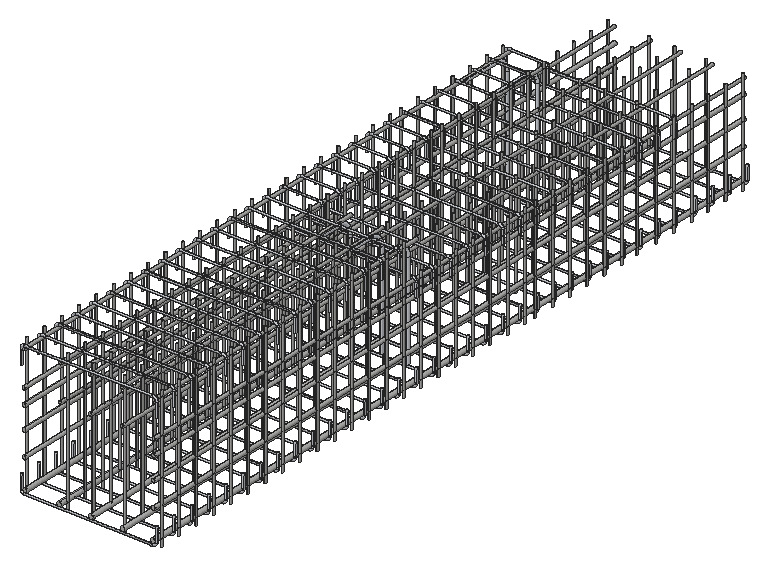
Revit family "261_Каркас пространственный КП4", category Обобщенные модели, Revit 2016 (continued)
Definition of nested family "261_Каркас плоский КР 29"
  Definition of nested family "361_Арматурная форма 1"
    Parameters (values of type "Параметрический")
      Мрк.МаркаКонструкции [instance] = ""
      Мрк.МаркаИзделия3 [instance] = ""
      Мрк.МаркаИзделия2 [instance] = ""
      Мрк.МаркаИзделия1 [instance] = ""
      Мрк.МаркаИзделия [instance] = ""
      Мрк.Марка [instance] = ""
      Type Comments = ""
      Арм.РазмерR [instance] = 0 mm
      Арм.РазмерJ [instance] = 0 mm
      Арм.РазмерG [instance] = 0 mm
      Арм.РазмерF [instance] = 0 mm
      Арм.РазмерE [instance] = 0 mm
      Арм.РазмерD [instance] = 0 mm
      Арм.РазмерC [instance] = 0 mm
      Арм.РазмерB [instance] = 0 mm
      Арм.РазмерA [instance] = 495 mm
      Арм.ПогМетрыВкл [instance] = no
      Арм.КоэфНахлеста [instance] = 1
      Арм.Класс [instance] = 1240
      Арм.ВыполненаСемейством = 1 = 1  # yes
    Reference planes
      plane 1 "Вперед/Назад": y = 0
      plane 2 "Опорный уровень": z = 0
      plane 3: x = 0
      plane 4 "Правая": x = 247.5
      plane 5 "Левая": x = -247.5
    Forms (mm)
      Sweep 1, solid, detail levels medium+fine
        path origin (0, 0, 0) x (1, 0, 0) y (0, 1, 0)
          loop
            line (-247.5, 0) -> (247.5, 0)
        profile origin (0, 0, 0) x (0, 1, 0) y (0, 0, 1)
          loop
            circle (0, 0) r 5
    Dimensions and locks
      "Арм.РазмерA": plane 5 "Левая" to plane 4 "Правая"
      equal spacing: plane 5 "Левая", plane 3, plane 4 "Правая"
      "Рзм.Диаметр": diameter of Sweep 1 sketch curve
      aligned and locked: plane 4 "Правая" to Sweep 1 sketch curve
      aligned and locked: plane 1 "Вперед/Назад" to Sweep 1 sketch curve
      aligned and locked: plane 5 "Левая" to Sweep 1 sketch curve
    Automatic sketch dimensions
      Sweep 1 sketch curve to level = 0 mm
      Sweep 1 sketch curve to profile plane = 0 mm
    Nested families
      nested 1: "Разрез сетржня" at (0, 0, 0) x (0, -1, 0) z (1, 0, 0), type "Разрез сетржня", detail levels medium+fine
        with Диаметр 10 mm
    Definition of nested family "Разрез сетржня"
      Parameters (values of type "Разрез сетржня")
        Диаметр = 600 mm
      Reference planes
        plane 1 "По центру (Вперед/Назад)": y = 0
        plane 2: z = 0
        plane 3 "По центру (Влево/Вправо)": x = 0
      Lines and regions (mm)
        Filled region 1, type "Сплошная заливка - Черный", in view "Опорный уровень"
          outline origin (0, 0, 0) x (1, 0, 0) y (0, 1, 0)
            loop
              circle (0, 0) r 300
        detail lines, in view "Опорный уровень"
          curve 1: circle (0, 0, 0) r 300 normal (0, 0, 1)
      Dimensions and locks
        "Диаметр": diameter of curve 1
        aligned and locked: Filled region 1 sketch curve to curve 1
      Automatic sketch dimensions
        plane 1 "По центру (Вперед/Назад)" to curve 1 = 0 mm
        curve 1 to plane 3 "По центру (Влево/Вправо)" = 0 mm
  Definition of nested family "361_Арматурная форма 2"
    Parameters (values of type "Параметрический")
      Рзм.РасчетныйРадиус [instance] = Арм.РазмерR + Рзм.Диаметр / 2  # 105 mm
      Рзм.Длина [instance] = Арм.РазмерA + Арм.РазмерB - 2 * (Арм.РазмерR * tan(90.00° / 2)) + ((Арм.РазмерR * pi() * 90.00°) / 180.00°)  # 972.08 mm
      Рзм.Диаметр [instance] = 10 mm
      Default Elevation = 1219.2 mm
      Орг.УровеньТекстовый [instance] = ""
      Орг.ОбознчТома(Комплекта) [instance] = ""
      Орг.НомерЛистаЭлемента [instance] = ""
      Орг.ИзделиеТипПодсчета [instance] = 0
      Орг.ИдентификацияЭлемента2 [instance] = ""
      Орг.ИдентификацияЭлемента1 [instance] = ""
      Орг.ИдентификацияЭлемента [instance] = ""
      Мсв.Количество [instance] = 1  # constant formula
      Мрк.Обозначение [instance] = if(Арм.Класс = 1240, "ГОСТ 5781-82", if(Арм.Класс = 1400, "ГОСТ 5781-82", if(Арм.Класс = 150019, " ГОСТ Р 52544-2006", if(Арм.Класс = 160019, " СТО АСЧМ 7-93", "Арматура не специфицирована"))))  # "ГОСТ 5781-82"
      Мрк.Наименование [instance] = if(and(Арм.Класс = 1240, Рзм.Диаметр = 6 mm), "Ø6 А240 ГОСТ 5781-82", if(and(Арм.Класс = 1240, Рзм.Диаметр = 8 mm), "Ø8 А240 ГОСТ 5781-82", if(and(Арм.Класс = 1240, Рзм.Диаметр = 10 mm), "Ø10 А240 ГОСТ 5781-82", if(and(Арм.Класс = 1240, Рзм.Диаметр = 12 mm), "Ø12 А240 ГОСТ 5781-82", if(and(Арм.Класс = 1240, Рзм.Диаметр = 14 mm), "Ø14 А240 ГОСТ 5781-82", if(and(Арм.Класс = 1240, Рзм.Диаметр = 16 mm), "Ø16 А240 ГОСТ 5781-82", if(and(Арм.Класс = 1240, Рзм.Диаметр = 18 mm), "Ø18 А240 ГОСТ 5781-82", if(and(Арм.Класс = 1240, Рзм.Диаметр = 20 mm), "Ø20 А240 ГОСТ 5781-82", if(and(Арм.Класс = 1400, Рзм.Диаметр = 6 mm), "Ø6 А400 ГОСТ 5781-82", if(and(Арм.Класс = 1400, Рзм.Диаметр = 8 mm), "Ø8 А400 ГОСТ 5781-82", if(and(Арм.Класс = 1400, Рзм.Диаметр = 10 mm), "Ø10 А400 ГОСТ 5781-82", if(and(Арм.Класс = 1400, Рзм.Диаметр = 12 mm), "Ø12 А400 ГОСТ 5781-82", if(and(Арм.Класс = 1400, Рзм.Диаметр = 14 mm), "Ø14 А400 ГОСТ 5781-82", if(and(Арм.Класс = 1400, Рзм.Диаметр = 16 mm), "Ø16 А400 ГОСТ 5781-82", if(and(Арм.Класс = 1400, Рзм.Диаметр = 18 mm), "Ø18 А400 ГОСТ 5781-82", if(and(Арм.Класс = 1400, Рзм.Диаметр = 20 mm), "Ø20 А400 ГОСТ 5781-82", if(and(Арм.Класс = 1400, Рзм.Диаметр = 22 mm), "Ø22 А400 ГОСТ 5781-82", if(and(Арм.Класс = 1400, Рзм.Диаметр = 25 mm), "Ø25 А400 ГОСТ 5781-82", if(and(Арм.Класс = 1400, Рзм.Диаметр = 28 mm), "Ø28 А400 ГОСТ 5781-82", if(and(Арм.Класс = 1400, Рзм.Диаметр = 32 mm), "Ø32 А400 ГОСТ 5781-82", if(and(Арм.Класс = 1400, Рзм.Диаметр = 36 mm), "Ø36 А400 ГОСТ 5781-82", if(and(Арм.Класс = 1400, Рзм.Диаметр = 40 mm), "Ø40 А400 ГОСТ 5781-82", if(and(Арм.Класс = 150019, Рзм.Диаметр = 10 mm), "Ø10 А500С ГОСТ Р 52544-2006", if(and(Арм.Класс = 150019, Рзм.Диаметр = 12 mm), "Ø12 А500С ГОСТ Р 52544-2006", if(and(Арм.Класс = 150019, Рзм.Диаметр = 14 mm), "Ø14 А500С ГОСТ Р 52544-2006", if(and(Арм.Класс = 150019, Рзм.Диаметр = 16 mm), "Ø16 А500С ГОСТ Р 52544-2006", if(and(Арм.Класс = 150019, Рзм.Диаметр = 18 mm), "Ø18 А500С ГОСТ Р 52544-2006", if(and(Арм.Класс = 150019, Рзм.Диаметр = 20 mm), "Ø20 А500С ГОСТ Р 52544-2006", if(and(Арм.Класс = 150019, Рзм.Диаметр = 22 mm), "Ø22 А500С ГОСТ Р 52544-2006", if(and(Арм.Класс = 150019, Рзм.Диаметр = 25 mm), "Ø25 А500С ГОСТ Р 52544-2006", if(and(Арм.Класс = 150019, Рзм.Диаметр = 28 mm), "Ø28 А500С ГОСТ Р 52544-2006", if(and(Арм.Класс = 150019, Рзм.Диаметр = 32 mm), "Ø32 А500С ГОСТ Р 52544-2006", if(and(Арм.Класс = 150019, Рзм.Диаметр = 36 mm), "Ø36 А500С ГОСТ Р 52544-2006", if(and(Арм.Класс = 150019, Рзм.Диаметр = 40 mm), "Ø40 А500С ГОСТ Р 52544-2006", if(and(Арм.Класс = 160019, Рзм.Диаметр = 10 mm), "Ø10 А600С СТО АСЧМ 7-93", if(and(Арм.Класс = 160019, Рзм.Диаметр = 12 mm), "Ø12 А600С СТО АСЧМ 7-93", if(and(Арм.Класс = 160019, Рзм.Диаметр = 14 mm), "Ø14 А600С СТО АСЧМ 7-93", if(and(Арм.Класс = 160019, Рзм.Диаметр = 16 mm), "Ø16 А600С СТО АСЧМ 7-93", if(and(Арм.Класс = 160019, Рзм.Диаметр = 18 mm), "Ø18 А600С СТО АСЧМ 7-93", if(and(Арм.Класс = 160019, Рзм.Диаметр = 20 mm), "Ø20 А600С СТО АСЧМ 7-93", if(and(Арм.Класс = 160019, Рзм.Диаметр = 22 mm), "Ø22 А600С СТО АСЧМ 7-93", if(and(Арм.Класс = 160019, Рзм.Диаметр = 25 mm), "Ø25 А600С СТО АСЧМ 7-93", if(and(Арм.Класс = 160019, Рзм.Диаметр = 28 mm), "Ø28 А600С СТО АСЧМ 7-93", if(and(Арм.Класс = 160019, Рзм.Диаметр = 32 mm), "Ø32 А600С СТО АСЧМ 7-93", if(and(Арм.Класс = 160019, Рзм.Диаметр = 36 mm), "Ø36 А600С СТО АСЧМ 7-93", if(and(Арм.Класс = 160019, Рзм.Диаметр = 40 mm), "Ø40 А600С СТО АСЧМ 7-93", "Арматура не специфицирована"))))))))))))))))))))))))))))))))))))))))))))))  # "Ø10 А240 ГОСТ 5781-82"
      Мрк.МаркаКонструкции [instance] = ""
      Мрк.МаркаИзделия3 [instance] = ""
      Мрк.МаркаИзделия2 [instance] = ""
      Мрк.МаркаИзделия1 [instance] = ""
      Мрк.МаркаИзделия [instance] = ""
      Мрк.Марка [instance] = ""
      Type Comments = ""
      Арм.ЭскизФормы = 0
      Арм.РазмерR [instance] = 100 mm
      Арм.РазмерJ [instance] = 0 mm
      Арм.РазмерG [instance] = 0 mm
      Арм.РазмерF [instance] = 0 mm
      Арм.РазмерE [instance] = 0 mm
      Арм.РазмерD [instance] = 0 mm
      Арм.РазмерC [instance] = 0 mm
      Арм.РазмерB [instance] = 520 mm
      Арм.РазмерA [instance] = 495 mm
      Арм.ПогМетрыВкл [instance] = no
      Арм.КоэфНахлеста [instance] = 1
      Арм.Класс [instance] = 1240
      Арм.ВыполненаСемейством = 1 = 1  # yes
    Reference planes
      plane 1 "Спереди": y = 0
      plane 2: z = 0
      plane 3 "Лево/Право": x = 0
      plane 4: x = 260
      plane 5: x = -260
      plane 6: y = -495
      plane 7: z = -5
      plane 8: z = 5
      plane 9: x = -265
      plane 10: x = -255
      plane 11: y = -5
      plane 12: y = 5
    Forms (mm)
      Sweep 1, solid, detail levels medium+fine
        path origin (0, 0, 0) x (1, 0, 0) y (0, 1, 0)
          loop
            line (-260, -495) -> (-260, -105)
            arc (-260, -105) -> (-229.246, -30.754) -> (-155, 0) r 105
            line (-155, 0) -> (260, 0)
        profile origin (-260, -300, 0) x (-1, 0, 0) y (0, 0, 1)
          loop
            circle (0, 0) r 5
    Dimensions and locks
      equal spacing: plane 5, plane 3 "Лево/Право", plane 4
      "Арм.РазмерA": plane 6 to plane 1 "Спереди"
      "Арм.РазмерB": plane 5 to plane 4
      equal spacing: plane 8, plane 2, plane 7
      "Рзм.Диаметр": plane 8 to plane 7
      equal spacing: plane 9, plane 5, plane 10
      "Рзм.Диаметр": plane 9 to plane 10
      equal spacing: plane 11, plane 1 "Спереди", plane 12
      "Рзм.Диаметр": plane 12 to plane 11
      "Рзм.Диаметр": diameter of Sweep 1 sketch curve
      "Рзм.РасчетныйРадиус": radius of Sweep 1 sketch curve
      aligned and locked: plane 6 to Sweep 1 sketch curve
      aligned and locked: plane 5 to nested 1
      aligned and locked: nested 1 to plane 2
      aligned and locked: plane 1 "Спереди" to nested 2
      aligned and locked: plane 2 to nested 2
      aligned and locked: plane 4 to Sweep 1 sketch curve
      aligned and locked: Sweep 1 sketch curve to plane 5
      aligned and locked: plane 1 "Спереди" to Sweep 1 sketch curve
    Automatic sketch dimensions
      Sweep 1 sketch curve to level = 0 mm
      Sweep 1 sketch curve to profile plane = 0 mm
    Nested families
      nested 1: "Разрез сетржня" at (-260, 0, 0) x (1, 0, 0) z (0, -1, 0), type "Разрез сетржня", detail levels medium+fine
        with Диаметр 10 mm
      nested 2: "Разрез сетржня" at (0, 0, 0) x (0, -1, 0) z (1, 0, 0), type "Разрез сетржня", detail levels medium+fine
        with Диаметр 10 mm
    Definition of nested family "Разрез сетржня"
      Parameters (values of type "Разрез сетржня")
        Диаметр = 600 mm
      Reference planes
        plane 1 "По центру (Вперед/Назад)": y = 0
        plane 2: z = 0
        plane 3 "По центру (Влево/Вправо)": x = 0
      Lines and regions (mm)
        Filled region 1, type "Сплошная заливка - Черный", in view "Опорный уровень"
          outline origin (0, 0, 0) x (1, 0, 0) y (0, 1, 0)
            loop
              circle (0, 0) r 300
        detail lines, in view "Опорный уровень"
          curve 1: circle (0, 0, 0) r 300 normal (0, 0, 1)
      Dimensions and locks
        "Диаметр": diameter of curve 1
        aligned and locked: Filled region 1 sketch curve to curve 1
      Automatic sketch dimensions
        plane 1 "По центру (Вперед/Назад)" to curve 1 = 0 mm
        curve 1 to plane 3 "По центру (Влево/Вправо)" = 0 mm
Definition of nested family "261_Каркас плоский КР 30"
  Parameters (values of type "261_Каркас плоский КР 30")
    Default Elevation = 1219.2 mm
    Орг.УровеньТекстовый [instance] = ""
    Орг.ОбознчТома(Комплекта) [instance] = ""
    Орг.НомерЛистаЭлемента [instance] = ""
    Орг.МассаИзделия = 0
    Орг.ИзделиеТипПодсчета [instance] = 0
    Орг.ИдентификацияЭлемента2 [instance] = ""
    Орг.ИдентификацияЭлемента1 [instance] = ""
    Орг.ИдентификацияЭлемента [instance] = ""
    Мрк.Обозначение [instance] = ""
    Мрк.Наименование [instance] = "Каркас плоский КР 30"
    Мрк.МаркаКонструкции [instance] = ""
    Мрк.МаркаИзделия3 [instance] = ""
    Мрк.МаркаИзделия2 [instance] = ""
    Мрк.МаркаИзделия1 [instance] = ""
    Мрк.МаркаИзделия [instance] = ""
    Мрк.Марка [instance] = "КР 30"
  Reference planes
    plane 1 "По центру (Вперед/Назад)": y = 0
    plane 2: z = 0
    plane 3 "По центру (Влево/Вправо)": x = 0
    plane 4: y = 1000
    plane 5: x = 5120
    plane 6 "Гнутый стержень": z = 26
  Dimensions and locks
    plane 3 "По центру (Влево/Вправо)" to plane 5 = 5120 mm
    plane 4 to plane 1 "По центру (Вперед/Назад)" = 1000 mm
    aligned and locked: level to plane 2
  Nested families
    nested 1: "361_Арматурная форма 1" at (45, 500, 0) x (0, 1, 0) z (0, 0, 1), Орг.ИдентификацияЭлемента1 <- "Орг.ИдентификацияЭлемента1", Орг.ИдентификацияЭлемента <- "Орг.ИдентификацияЭлемента", Мрк.МаркаКонструкции <- "Мрк.МаркаКонструкции", Мрк.МаркаИзделия3 <- "Мрк.МаркаИзделия3", Мрк.МаркаИзделия2 <- "Мрк.МаркаИзделия2", Мрк.МаркаИзделия1 <- "Мрк.МаркаИзделия1", Мрк.МаркаИзделия <- "Мрк.МаркаИзделия", Орг.УровеньТекстовый <- "Орг.УровеньТекстовый", Орг.ОбознчТома(Комплекта) <- "Орг.ОбознчТома(Комплекта)", Орг.НомерЛистаЭлемента <- "Орг.НомерЛистаЭлемента", type "Параметрический"
      with Рзм.Длина 970 mm, Рзм.Диаметр 12 mm, Орг.УровеньТекстовый "", Орг.ОбознчТома(Комплекта) "", Орг.НомерЛистаЭлемента "", Орг.ИзделиеТипПодсчета 2, Орг.ИдентификацияЭлемента1 "", Орг.ИдентификацияЭлемента "", Мрк.Обозначение "ГОСТ 5781-82", Мрк.Наименование "Ø12 А240 ГОСТ 5781-82", Мрк.МаркаКонструкции "", Мрк.МаркаИзделия3 "", Мрк.МаркаИзделия2 "", Мрк.МаркаИзделия1 "", Мрк.МаркаИзделия "", Мрк.Марка "6", Арм.РазмерR 0 mm, Арм.РазмерJ 0 mm, Арм.РазмерG 0 mm, Арм.РазмерF 0 mm, Арм.РазмерE 0 mm, Арм.РазмерD 0 mm, Арм.РазмерC 0 mm, Арм.РазмерB 0 mm, Арм.РазмерA 970 mm, Арм.ПогМетрыВкл no, Арм.КоэфНахлеста 1, Арм.Класс 1240
    nested 2: "361_Арматурная форма 2" at (4160, 559.782, -36) x (0, -1, 0) z (0, 0, 1), Орг.ИдентификацияЭлемента1 <- "Орг.ИдентификацияЭлемента1", Орг.ИдентификацияЭлемента <- "Орг.ИдентификацияЭлемента", Мрк.МаркаКонструкции <- "Мрк.МаркаКонструкции", Мрк.МаркаИзделия3 <- "Мрк.МаркаИзделия3", Мрк.МаркаИзделия2 <- "Мрк.МаркаИзделия2", Мрк.МаркаИзделия1 <- "Мрк.МаркаИзделия1", Мрк.МаркаИзделия <- "Мрк.МаркаИзделия", Орг.УровеньТекстовый <- "Орг.УровеньТекстовый", Орг.ОбознчТома(Комплекта) <- "Орг.ОбознчТома(Комплекта)", Орг.НомерЛистаЭлемента <- "Орг.НомерЛистаЭлемента", type "Параметрический"
      with Рзм.РасчетныйРадиус 90 mm, Рзм.Длина 1090.738 mm, Рзм.Диаметр 20 mm, Орг.УровеньТекстовый "", Орг.ОбознчТома(Комплекта) "", Орг.НомерЛистаЭлемента "", Орг.ИзделиеТипПодсчета 2, Орг.ИдентификацияЭлемента2 "", Орг.ИдентификацияЭлемента1 "", Орг.ИдентификацияЭлемента "", Мсв.Количество 1, Мрк.Обозначение "ГОСТ 5781-82", Мрк.Наименование "Ø20 А240 ГОСТ 5781-82", Мрк.МаркаКонструкции "", Мрк.МаркаИзделия3 "", Мрк.МаркаИзделия2 "", Мрк.МаркаИзделия1 "", Мрк.МаркаИзделия "", Мрк.Марка "8", Арм.РазмерR 80 mm, Арм.РазмерJ 0 mm, Арм.РазмерG 0 mm, Арм.РазмерF 0 mm, Арм.РазмерE 0 mm, Арм.РазмерD 0 mm, Арм.РазмерC 0 mm, Арм.РазмерB 760 mm, Арм.РазмерA 365.075 mm, Арм.ПогМетрыВкл no, Арм.КоэфНахлеста 1, Арм.Класс 1240
    nested 3: "361_Арматурная форма 1" at (195, 500, 0) x (0, 1, 0) z (0, 0, 1), Орг.ИдентификацияЭлемента1 <- "Орг.ИдентификацияЭлемента1", Орг.ИдентификацияЭлемента <- "Орг.ИдентификацияЭлемента", Мрк.МаркаКонструкции <- "Мрк.МаркаКонструкции", Мрк.МаркаИзделия3 <- "Мрк.МаркаИзделия3", Мрк.МаркаИзделия2 <- "Мрк.МаркаИзделия2", Мрк.МаркаИзделия1 <- "Мрк.МаркаИзделия1", Мрк.МаркаИзделия <- "Мрк.МаркаИзделия", Орг.УровеньТекстовый <- "Орг.УровеньТекстовый", Орг.ОбознчТома(Комплекта) <- "Орг.ОбознчТома(Комплекта)", Орг.НомерЛистаЭлемента <- "Орг.НомерЛистаЭлемента", type "Параметрический"
      with Рзм.Длина 970 mm, Рзм.Диаметр 12 mm, Орг.УровеньТекстовый "", Орг.ОбознчТома(Комплекта) "", Орг.НомерЛистаЭлемента "", Орг.ИзделиеТипПодсчета 2, Орг.ИдентификацияЭлемента1 "", Орг.ИдентификацияЭлемента "", Мрк.Обозначение "ГОСТ 5781-82", Мрк.Наименование "Ø12 А240 ГОСТ 5781-82", Мрк.МаркаКонструкции "", Мрк.МаркаИзделия3 "", Мрк.МаркаИзделия2 "", Мрк.МаркаИзделия1 "", Мрк.МаркаИзделия "", Мрк.Марка "6", Арм.РазмерR 0 mm, Арм.РазмерJ 0 mm, Арм.РазмерG 0 mm, Арм.РазмерF 0 mm, Арм.РазмерE 0 mm, Арм.РазмерD 0 mm, Арм.РазмерC 0 mm, Арм.РазмерB 0 mm, Арм.РазмерA 970 mm, Арм.ПогМетрыВкл no, Арм.КоэфНахлеста 1, Арм.Класс 1240
    nested 4: "361_Арматурная форма 1" at (345, 500, 0) x (0, 1, 0) z (0, 0, 1), Орг.ИдентификацияЭлемента1 <- "Орг.ИдентификацияЭлемента1", Орг.ИдентификацияЭлемента <- "Орг.ИдентификацияЭлемента", Мрк.МаркаКонструкции <- "Мрк.МаркаКонструкции", Мрк.МаркаИзделия3 <- "Мрк.МаркаИзделия3", Мрк.МаркаИзделия2 <- "Мрк.МаркаИзделия2", Мрк.МаркаИзделия1 <- "Мрк.МаркаИзделия1", Мрк.МаркаИзделия <- "Мрк.МаркаИзделия", Орг.УровеньТекстовый <- "Орг.УровеньТекстовый", Орг.ОбознчТома(Комплекта) <- "Орг.ОбознчТома(Комплекта)", Орг.НомерЛистаЭлемента <- "Орг.НомерЛистаЭлемента", type "Параметрический"
      with Рзм.Длина 970 mm, Рзм.Диаметр 12 mm, Орг.УровеньТекстовый "", Орг.ОбознчТома(Комплекта) "", Орг.НомерЛистаЭлемента "", Орг.ИзделиеТипПодсчета 2, Орг.ИдентификацияЭлемента1 "", Орг.ИдентификацияЭлемента "", Мрк.Обозначение "ГОСТ 5781-82", Мрк.Наименование "Ø12 А240 ГОСТ 5781-82", Мрк.МаркаКонструкции "", Мрк.МаркаИзделия3 "", Мрк.МаркаИзделия2 "", Мрк.МаркаИзделия1 "", Мрк.МаркаИзделия "", Мрк.Марка "6", Арм.РазмерR 0 mm, Арм.РазмерJ 0 mm, Арм.РазмерG 0 mm, Арм.РазмерF 0 mm, Арм.РазмерE 0 mm, Арм.РазмерD 0 mm, Арм.РазмерC 0 mm, Арм.РазмерB 0 mm, Арм.РазмерA 970 mm, Арм.ПогМетрыВкл no, Арм.КоэфНахлеста 1, Арм.Класс 1240
    nested 5: "361_Арматурная форма 1" at (495, 500, 0) x (0, 1, 0) z (0, 0, 1), Орг.ИдентификацияЭлемента1 <- "Орг.ИдентификацияЭлемента1", Орг.ИдентификацияЭлемента <- "Орг.ИдентификацияЭлемента", Мрк.МаркаКонструкции <- "Мрк.МаркаКонструкции", Мрк.МаркаИзделия3 <- "Мрк.МаркаИзделия3", Мрк.МаркаИзделия2 <- "Мрк.МаркаИзделия2", Мрк.МаркаИзделия1 <- "Мрк.МаркаИзделия1", Мрк.МаркаИзделия <- "Мрк.МаркаИзделия", Орг.УровеньТекстовый <- "Орг.УровеньТекстовый", Орг.ОбознчТома(Комплекта) <- "Орг.ОбознчТома(Комплекта)", Орг.НомерЛистаЭлемента <- "Орг.НомерЛистаЭлемента", type "Параметрический"
      with Рзм.Длина 970 mm, Рзм.Диаметр 12 mm, Орг.УровеньТекстовый "", Орг.ОбознчТома(Комплекта) "", Орг.НомерЛистаЭлемента "", Орг.ИзделиеТипПодсчета 2, Орг.ИдентификацияЭлемента1 "", Орг.ИдентификацияЭлемента "", Мрк.Обозначение "ГОСТ 5781-82", Мрк.Наименование "Ø12 А240 ГОСТ 5781-82", Мрк.МаркаКонструкции "", Мрк.МаркаИзделия3 "", Мрк.МаркаИзделия2 "", Мрк.МаркаИзделия1 "", Мрк.МаркаИзделия "", Мрк.Марка "6", Арм.РазмерR 0 mm, Арм.РазмерJ 0 mm, Арм.РазмерG 0 mm, Арм.РазмерF 0 mm, Арм.РазмерE 0 mm, Арм.РазмерD 0 mm, Арм.РазмерC 0 mm, Арм.РазмерB 0 mm, Арм.РазмерA 970 mm, Арм.ПогМетрыВкл no, Арм.КоэфНахлеста 1, Арм.Класс 1240
    nested 6: "361_Арматурная форма 1" at (645, 500, 0) x (0, 1, 0) z (0, 0, 1), Орг.ИдентификацияЭлемента1 <- "Орг.ИдентификацияЭлемента1", Орг.ИдентификацияЭлемента <- "Орг.ИдентификацияЭлемента", Мрк.МаркаКонструкции <- "Мрк.МаркаКонструкции", Мрк.МаркаИзделия3 <- "Мрк.МаркаИзделия3", Мрк.МаркаИзделия2 <- "Мрк.МаркаИзделия2", Мрк.МаркаИзделия1 <- "Мрк.МаркаИзделия1", Мрк.МаркаИзделия <- "Мрк.МаркаИзделия", Орг.УровеньТекстовый <- "Орг.УровеньТекстовый", Орг.ОбознчТома(Комплекта) <- "Орг.ОбознчТома(Комплекта)", Орг.НомерЛистаЭлемента <- "Орг.НомерЛистаЭлемента", type "Параметрический"
      with Рзм.Длина 970 mm, Рзм.Диаметр 12 mm, Орг.УровеньТекстовый "", Орг.ОбознчТома(Комплекта) "", Орг.НомерЛистаЭлемента "", Орг.ИзделиеТипПодсчета 2, Орг.ИдентификацияЭлемента1 "", Орг.ИдентификацияЭлемента "", Мрк.Обозначение "ГОСТ 5781-82", Мрк.Наименование "Ø12 А240 ГОСТ 5781-82", Мрк.МаркаКонструкции "", Мрк.МаркаИзделия3 "", Мрк.МаркаИзделия2 "", Мрк.МаркаИзделия1 "", Мрк.МаркаИзделия "", Мрк.Марка "6", Арм.РазмерR 0 mm, Арм.РазмерJ 0 mm, Арм.РазмерG 0 mm, Арм.РазмерF 0 mm, Арм.РазмерE 0 mm, Арм.РазмерD 0 mm, Арм.РазмерC 0 mm, Арм.РазмерB 0 mm, Арм.РазмерA 970 mm, Арм.ПогМетрыВкл no, Арм.КоэфНахлеста 1, Арм.Класс 1240
    nested 7: "361_Арматурная форма 1" at (795, 500, 0) x (0, 1, 0) z (0, 0, 1), Орг.ИдентификацияЭлемента1 <- "Орг.ИдентификацияЭлемента1", Орг.ИдентификацияЭлемента <- "Орг.ИдентификацияЭлемента", Мрк.МаркаКонструкции <- "Мрк.МаркаКонструкции", Мрк.МаркаИзделия3 <- "Мрк.МаркаИзделия3", Мрк.МаркаИзделия2 <- "Мрк.МаркаИзделия2", Мрк.МаркаИзделия1 <- "Мрк.МаркаИзделия1", Мрк.МаркаИзделия <- "Мрк.МаркаИзделия", Орг.УровеньТекстовый <- "Орг.УровеньТекстовый", Орг.ОбознчТома(Комплекта) <- "Орг.ОбознчТома(Комплекта)", Орг.НомерЛистаЭлемента <- "Орг.НомерЛистаЭлемента", type "Параметрический"
      with Рзм.Длина 970 mm, Рзм.Диаметр 12 mm, Орг.УровеньТекстовый "", Орг.ОбознчТома(Комплекта) "", Орг.НомерЛистаЭлемента "", Орг.ИзделиеТипПодсчета 2, Орг.ИдентификацияЭлемента1 "", Орг.ИдентификацияЭлемента "", Мрк.Обозначение "ГОСТ 5781-82", Мрк.Наименование "Ø12 А240 ГОСТ 5781-82", Мрк.МаркаКонструкции "", Мрк.МаркаИзделия3 "", Мрк.МаркаИзделия2 "", Мрк.МаркаИзделия1 "", Мрк.МаркаИзделия "", Мрк.Марка "6", Арм.РазмерR 0 mm, Арм.РазмерJ 0 mm, Арм.РазмерG 0 mm, Арм.РазмерF 0 mm, Арм.РазмерE 0 mm, Арм.РазмерD 0 mm, Арм.РазмерC 0 mm, Арм.РазмерB 0 mm, Арм.РазмерA 970 mm, Арм.ПогМетрыВкл no, Арм.КоэфНахлеста 1, Арм.Класс 1240
    nested 8: "361_Арматурная форма 1" at (945, 500, 0) x (0, 1, 0) z (0, 0, 1), Орг.ИдентификацияЭлемента1 <- "Орг.ИдентификацияЭлемента1", Орг.ИдентификацияЭлемента <- "Орг.ИдентификацияЭлемента", Мрк.МаркаКонструкции <- "Мрк.МаркаКонструкции", Мрк.МаркаИзделия3 <- "Мрк.МаркаИзделия3", Мрк.МаркаИзделия2 <- "Мрк.МаркаИзделия2", Мрк.МаркаИзделия1 <- "Мрк.МаркаИзделия1", Мрк.МаркаИзделия <- "Мрк.МаркаИзделия", Орг.УровеньТекстовый <- "Орг.УровеньТекстовый", Орг.ОбознчТома(Комплекта) <- "Орг.ОбознчТома(Комплекта)", Орг.НомерЛистаЭлемента <- "Орг.НомерЛистаЭлемента", type "Параметрический"
      with Рзм.Длина 970 mm, Рзм.Диаметр 12 mm, Орг.УровеньТекстовый "", Орг.ОбознчТома(Комплекта) "", Орг.НомерЛистаЭлемента "", Орг.ИзделиеТипПодсчета 2, Орг.ИдентификацияЭлемента1 "", Орг.ИдентификацияЭлемента "", Мрк.Обозначение "ГОСТ 5781-82", Мрк.Наименование "Ø12 А240 ГОСТ 5781-82", Мрк.МаркаКонструкции "", Мрк.МаркаИзделия3 "", Мрк.МаркаИзделия2 "", Мрк.МаркаИзделия1 "", Мрк.МаркаИзделия "", Мрк.Марка "6", Арм.РазмерR 0 mm, Арм.РазмерJ 0 mm, Арм.РазмерG 0 mm, Арм.РазмерF 0 mm, Арм.РазмерE 0 mm, Арм.РазмерD 0 mm, Арм.РазмерC 0 mm, Арм.РазмерB 0 mm, Арм.РазмерA 970 mm, Арм.ПогМетрыВкл no, Арм.КоэфНахлеста 1, Арм.Класс 1240
    nested 9: "361_Арматурная форма 1" at (1095, 500, 0) x (0, 1, 0) z (0, 0, 1), Орг.ИдентификацияЭлемента1 <- "Орг.ИдентификацияЭлемента1", Орг.ИдентификацияЭлемента <- "Орг.ИдентификацияЭлемента", Мрк.МаркаКонструкции <- "Мрк.МаркаКонструкции", Мрк.МаркаИзделия3 <- "Мрк.МаркаИзделия3", Мрк.МаркаИзделия2 <- "Мрк.МаркаИзделия2", Мрк.МаркаИзделия1 <- "Мрк.МаркаИзделия1", Мрк.МаркаИзделия <- "Мрк.МаркаИзделия", Орг.УровеньТекстовый <- "Орг.УровеньТекстовый", Орг.ОбознчТома(Комплекта) <- "Орг.ОбознчТома(Комплекта)", Орг.НомерЛистаЭлемента <- "Орг.НомерЛистаЭлемента", type "Параметрический"
      with Рзм.Длина 970 mm, Рзм.Диаметр 12 mm, Орг.УровеньТекстовый "", Орг.ОбознчТома(Комплекта) "", Орг.НомерЛистаЭлемента "", Орг.ИзделиеТипПодсчета 2, Орг.ИдентификацияЭлемента1 "", Орг.ИдентификацияЭлемента "", Мрк.Обозначение "ГОСТ 5781-82", Мрк.Наименование "Ø12 А240 ГОСТ 5781-82", Мрк.МаркаКонструкции "", Мрк.МаркаИзделия3 "", Мрк.МаркаИзделия2 "", Мрк.МаркаИзделия1 "", Мрк.МаркаИзделия "", Мрк.Марка "6", Арм.РазмерR 0 mm, Арм.РазмерJ 0 mm, Арм.РазмерG 0 mm, Арм.РазмерF 0 mm, Арм.РазмерE 0 mm, Арм.РазмерD 0 mm, Арм.РазмерC 0 mm, Арм.РазмерB 0 mm, Арм.РазмерA 970 mm, Арм.ПогМетрыВкл no, Арм.КоэфНахлеста 1, Арм.Класс 1240
    nested 10: "361_Арматурная форма 1" at (1245, 500, 0) x (0, 1, 0) z (0, 0, 1), Орг.ИдентификацияЭлемента1 <- "Орг.ИдентификацияЭлемента1", Орг.ИдентификацияЭлемента <- "Орг.ИдентификацияЭлемента", Мрк.МаркаКонструкции <- "Мрк.МаркаКонструкции", Мрк.МаркаИзделия3 <- "Мрк.МаркаИзделия3", Мрк.МаркаИзделия2 <- "Мрк.МаркаИзделия2", Мрк.МаркаИзделия1 <- "Мрк.МаркаИзделия1", Мрк.МаркаИзделия <- "Мрк.МаркаИзделия", Орг.УровеньТекстовый <- "Орг.УровеньТекстовый", Орг.ОбознчТома(Комплекта) <- "Орг.ОбознчТома(Комплекта)", Орг.НомерЛистаЭлемента <- "Орг.НомерЛистаЭлемента", type "Параметрический"
      with Рзм.Длина 970 mm, Рзм.Диаметр 12 mm, Орг.УровеньТекстовый "", Орг.ОбознчТома(Комплекта) "", Орг.НомерЛистаЭлемента "", Орг.ИзделиеТипПодсчета 2, Орг.ИдентификацияЭлемента1 "", Орг.ИдентификацияЭлемента "", Мрк.Обозначение "ГОСТ 5781-82", Мрк.Наименование "Ø12 А240 ГОСТ 5781-82", Мрк.МаркаКонструкции "", Мрк.МаркаИзделия3 "", Мрк.МаркаИзделия2 "", Мрк.МаркаИзделия1 "", Мрк.МаркаИзделия "", Мрк.Марка "6", Арм.РазмерR 0 mm, Арм.РазмерJ 0 mm, Арм.РазмерG 0 mm, Арм.РазмерF 0 mm, Арм.РазмерE 0 mm, Арм.РазмерD 0 mm, Арм.РазмерC 0 mm, Арм.РазмерB 0 mm, Арм.РазмерA 970 mm, Арм.ПогМетрыВкл no, Арм.КоэфНахлеста 1, Арм.Класс 1240
    nested 11: "361_Арматурная форма 1" at (1395, 500, 0) x (0, 1, 0) z (0, 0, 1), Орг.ИдентификацияЭлемента1 <- "Орг.ИдентификацияЭлемента1", Орг.ИдентификацияЭлемента <- "Орг.ИдентификацияЭлемента", Мрк.МаркаКонструкции <- "Мрк.МаркаКонструкции", Мрк.МаркаИзделия3 <- "Мрк.МаркаИзделия3", Мрк.МаркаИзделия2 <- "Мрк.МаркаИзделия2", Мрк.МаркаИзделия1 <- "Мрк.МаркаИзделия1", Мрк.МаркаИзделия <- "Мрк.МаркаИзделия", Орг.УровеньТекстовый <- "Орг.УровеньТекстовый", Орг.ОбознчТома(Комплекта) <- "Орг.ОбознчТома(Комплекта)", Орг.НомерЛистаЭлемента <- "Орг.НомерЛистаЭлемента", type "Параметрический"
      with Рзм.Длина 970 mm, Рзм.Диаметр 12 mm, Орг.УровеньТекстовый "", Орг.ОбознчТома(Комплекта) "", Орг.НомерЛистаЭлемента "", Орг.ИзделиеТипПодсчета 2, Орг.ИдентификацияЭлемента1 "", Орг.ИдентификацияЭлемента "", Мрк.Обозначение "ГОСТ 5781-82", Мрк.Наименование "Ø12 А240 ГОСТ 5781-82", Мрк.МаркаКонструкции "", Мрк.МаркаИзделия3 "", Мрк.МаркаИзделия2 "", Мрк.МаркаИзделия1 "", Мрк.МаркаИзделия "", Мрк.Марка "6", Арм.РазмерR 0 mm, Арм.РазмерJ 0 mm, Арм.РазмерG 0 mm, Арм.РазмерF 0 mm, Арм.РазмерE 0 mm, Арм.РазмерD 0 mm, Арм.РазмерC 0 mm, Арм.РазмерB 0 mm, Арм.РазмерA 970 mm, Арм.ПогМетрыВкл no, Арм.КоэфНахлеста 1, Арм.Класс 1240
    nested 12: "361_Арматурная форма 1" at (1545, 500, 0) x (0, 1, 0) z (0, 0, 1), Орг.ИдентификацияЭлемента1 <- "Орг.ИдентификацияЭлемента1", Орг.ИдентификацияЭлемента <- "Орг.ИдентификацияЭлемента", Мрк.МаркаКонструкции <- "Мрк.МаркаКонструкции", Мрк.МаркаИзделия3 <- "Мрк.МаркаИзделия3", Мрк.МаркаИзделия2 <- "Мрк.МаркаИзделия2", Мрк.МаркаИзделия1 <- "Мрк.МаркаИзделия1", Мрк.МаркаИзделия <- "Мрк.МаркаИзделия", Орг.УровеньТекстовый <- "Орг.УровеньТекстовый", Орг.ОбознчТома(Комплекта) <- "Орг.ОбознчТома(Комплекта)", Орг.НомерЛистаЭлемента <- "Орг.НомерЛистаЭлемента", type "Параметрический"
      with Рзм.Длина 970 mm, Рзм.Диаметр 12 mm, Орг.УровеньТекстовый "", Орг.ОбознчТома(Комплекта) "", Орг.НомерЛистаЭлемента "", Орг.ИзделиеТипПодсчета 2, Орг.ИдентификацияЭлемента1 "", Орг.ИдентификацияЭлемента "", Мрк.Обозначение "ГОСТ 5781-82", Мрк.Наименование "Ø12 А240 ГОСТ 5781-82", Мрк.МаркаКонструкции "", Мрк.МаркаИзделия3 "", Мрк.МаркаИзделия2 "", Мрк.МаркаИзделия1 "", Мрк.МаркаИзделия "", Мрк.Марка "6", Арм.РазмерR 0 mm, Арм.РазмерJ 0 mm, Арм.РазмерG 0 mm, Арм.РазмерF 0 mm, Арм.РазмерE 0 mm, Арм.РазмерD 0 mm, Арм.РазмерC 0 mm, Арм.РазмерB 0 mm, Арм.РазмерA 970 mm, Арм.ПогМетрыВкл no, Арм.КоэфНахлеста 1, Арм.Класс 1240
    nested 13: "361_Арматурная форма 1" at (1695, 500, 0) x (0, 1, 0) z (0, 0, 1), Орг.ИдентификацияЭлемента1 <- "Орг.ИдентификацияЭлемента1", Орг.ИдентификацияЭлемента <- "Орг.ИдентификацияЭлемента", Мрк.МаркаКонструкции <- "Мрк.МаркаКонструкции", Мрк.МаркаИзделия3 <- "Мрк.МаркаИзделия3", Мрк.МаркаИзделия2 <- "Мрк.МаркаИзделия2", Мрк.МаркаИзделия1 <- "Мрк.МаркаИзделия1", Мрк.МаркаИзделия <- "Мрк.МаркаИзделия", Орг.УровеньТекстовый <- "Орг.УровеньТекстовый", Орг.ОбознчТома(Комплекта) <- "Орг.ОбознчТома(Комплекта)", Орг.НомерЛистаЭлемента <- "Орг.НомерЛистаЭлемента", type "Параметрический"
      with Рзм.Длина 970 mm, Рзм.Диаметр 12 mm, Орг.УровеньТекстовый "", Орг.ОбознчТома(Комплекта) "", Орг.НомерЛистаЭлемента "", Орг.ИзделиеТипПодсчета 2, Орг.ИдентификацияЭлемента1 "", Орг.ИдентификацияЭлемента "", Мрк.Обозначение "ГОСТ 5781-82", Мрк.Наименование "Ø12 А240 ГОСТ 5781-82", Мрк.МаркаКонструкции "", Мрк.МаркаИзделия3 "", Мрк.МаркаИзделия2 "", Мрк.МаркаИзделия1 "", Мрк.МаркаИзделия "", Мрк.Марка "6", Арм.РазмерR 0 mm, Арм.РазмерJ 0 mm, Арм.РазмерG 0 mm, Арм.РазмерF 0 mm, Арм.РазмерE 0 mm, Арм.РазмерD 0 mm, Арм.РазмерC 0 mm, Арм.РазмерB 0 mm, Арм.РазмерA 970 mm, Арм.ПогМетрыВкл no, Арм.КоэфНахлеста 1, Арм.Класс 1240
    nested 14: "361_Арматурная форма 1" at (1845, 500, 0) x (0, 1, 0) z (0, 0, 1), Орг.ИдентификацияЭлемента1 <- "Орг.ИдентификацияЭлемента1", Орг.ИдентификацияЭлемента <- "Орг.ИдентификацияЭлемента", Мрк.МаркаКонструкции <- "Мрк.МаркаКонструкции", Мрк.МаркаИзделия3 <- "Мрк.МаркаИзделия3", Мрк.МаркаИзделия2 <- "Мрк.МаркаИзделия2", Мрк.МаркаИзделия1 <- "Мрк.МаркаИзделия1", Мрк.МаркаИзделия <- "Мрк.МаркаИзделия", Орг.УровеньТекстовый <- "Орг.УровеньТекстовый", Орг.ОбознчТома(Комплекта) <- "Орг.ОбознчТома(Комплекта)", Орг.НомерЛистаЭлемента <- "Орг.НомерЛистаЭлемента", type "Параметрический"
      with Рзм.Длина 970 mm, Рзм.Диаметр 12 mm, Орг.УровеньТекстовый "", Орг.ОбознчТома(Комплекта) "", Орг.НомерЛистаЭлемента "", Орг.ИзделиеТипПодсчета 2, Орг.ИдентификацияЭлемента1 "", Орг.ИдентификацияЭлемента "", Мрк.Обозначение "ГОСТ 5781-82", Мрк.Наименование "Ø12 А240 ГОСТ 5781-82", Мрк.МаркаКонструкции "", Мрк.МаркаИзделия3 "", Мрк.МаркаИзделия2 "", Мрк.МаркаИзделия1 "", Мрк.МаркаИзделия "", Мрк.Марка "6", Арм.РазмерR 0 mm, Арм.РазмерJ 0 mm, Арм.РазмерG 0 mm, Арм.РазмерF 0 mm, Арм.РазмерE 0 mm, Арм.РазмерD 0 mm, Арм.РазмерC 0 mm, Арм.РазмерB 0 mm, Арм.РазмерA 970 mm, Арм.ПогМетрыВкл no, Арм.КоэфНахлеста 1, Арм.Класс 1240
    nested 15: "361_Арматурная форма 1" at (1995, 500, 0) x (0, 1, 0) z (0, 0, 1), Орг.ИдентификацияЭлемента1 <- "Орг.ИдентификацияЭлемента1", Орг.ИдентификацияЭлемента <- "Орг.ИдентификацияЭлемента", Мрк.МаркаКонструкции <- "Мрк.МаркаКонструкции", Мрк.МаркаИзделия3 <- "Мрк.МаркаИзделия3", Мрк.МаркаИзделия2 <- "Мрк.МаркаИзделия2", Мрк.МаркаИзделия1 <- "Мрк.МаркаИзделия1", Мрк.МаркаИзделия <- "Мрк.МаркаИзделия", Орг.УровеньТекстовый <- "Орг.УровеньТекстовый", Орг.ОбознчТома(Комплекта) <- "Орг.ОбознчТома(Комплекта)", Орг.НомерЛистаЭлемента <- "Орг.НомерЛистаЭлемента", type "Параметрический"
      with Рзм.Длина 970 mm, Рзм.Диаметр 12 mm, Орг.УровеньТекстовый "", Орг.ОбознчТома(Комплекта) "", Орг.НомерЛистаЭлемента "", Орг.ИзделиеТипПодсчета 2, Орг.ИдентификацияЭлемента1 "", Орг.ИдентификацияЭлемента "", Мрк.Обозначение "ГОСТ 5781-82", Мрк.Наименование "Ø12 А240 ГОСТ 5781-82", Мрк.МаркаКонструкции "", Мрк.МаркаИзделия3 "", Мрк.МаркаИзделия2 "", Мрк.МаркаИзделия1 "", Мрк.МаркаИзделия "", Мрк.Марка "6", Арм.РазмерR 0 mm, Арм.РазмерJ 0 mm, Арм.РазмерG 0 mm, Арм.РазмерF 0 mm, Арм.РазмерE 0 mm, Арм.РазмерD 0 mm, Арм.РазмерC 0 mm, Арм.РазмерB 0 mm, Арм.РазмерA 970 mm, Арм.ПогМетрыВкл no, Арм.КоэфНахлеста 1, Арм.Класс 1240
    nested 16: "361_Арматурная форма 1" at (2145, 500, 0) x (0, 1, 0) z (0, 0, 1), Орг.ИдентификацияЭлемента1 <- "Орг.ИдентификацияЭлемента1", Орг.ИдентификацияЭлемента <- "Орг.ИдентификацияЭлемента", Мрк.МаркаКонструкции <- "Мрк.МаркаКонструкции", Мрк.МаркаИзделия3 <- "Мрк.МаркаИзделия3", Мрк.МаркаИзделия2 <- "Мрк.МаркаИзделия2", Мрк.МаркаИзделия1 <- "Мрк.МаркаИзделия1", Мрк.МаркаИзделия <- "Мрк.МаркаИзделия", Орг.УровеньТекстовый <- "Орг.УровеньТекстовый", Орг.ОбознчТома(Комплекта) <- "Орг.ОбознчТома(Комплекта)", Орг.НомерЛистаЭлемента <- "Орг.НомерЛистаЭлемента", type "Параметрический"
      with Рзм.Длина 970 mm, Рзм.Диаметр 12 mm, Орг.УровеньТекстовый "", Орг.ОбознчТома(Комплекта) "", Орг.НомерЛистаЭлемента "", Орг.ИзделиеТипПодсчета 2, Орг.ИдентификацияЭлемента1 "", Орг.ИдентификацияЭлемента "", Мрк.Обозначение "ГОСТ 5781-82", Мрк.Наименование "Ø12 А240 ГОСТ 5781-82", Мрк.МаркаКонструкции "", Мрк.МаркаИзделия3 "", Мрк.МаркаИзделия2 "", Мрк.МаркаИзделия1 "", Мрк.МаркаИзделия "", Мрк.Марка "6", Арм.РазмерR 0 mm, Арм.РазмерJ 0 mm, Арм.РазмерG 0 mm, Арм.РазмерF 0 mm, Арм.РазмерE 0 mm, Арм.РазмерD 0 mm, Арм.РазмерC 0 mm, Арм.РазмерB 0 mm, Арм.РазмерA 970 mm, Арм.ПогМетрыВкл no, Арм.КоэфНахлеста 1, Арм.Класс 1240
    nested 17: "361_Арматурная форма 1" at (2295, 500, 0) x (0, 1, 0) z (0, 0, 1), Орг.ИдентификацияЭлемента1 <- "Орг.ИдентификацияЭлемента1", Орг.ИдентификацияЭлемента <- "Орг.ИдентификацияЭлемента", Мрк.МаркаКонструкции <- "Мрк.МаркаКонструкции", Мрк.МаркаИзделия3 <- "Мрк.МаркаИзделия3", Мрк.МаркаИзделия2 <- "Мрк.МаркаИзделия2", Мрк.МаркаИзделия1 <- "Мрк.МаркаИзделия1", Мрк.МаркаИзделия <- "Мрк.МаркаИзделия", Орг.УровеньТекстовый <- "Орг.УровеньТекстовый", Орг.ОбознчТома(Комплекта) <- "Орг.ОбознчТома(Комплекта)", Орг.НомерЛистаЭлемента <- "Орг.НомерЛистаЭлемента", type "Параметрический"
      with Рзм.Длина 970 mm, Рзм.Диаметр 12 mm, Орг.УровеньТекстовый "", Орг.ОбознчТома(Комплекта) "", Орг.НомерЛистаЭлемента "", Орг.ИзделиеТипПодсчета 2, Орг.ИдентификацияЭлемента1 "", Орг.ИдентификацияЭлемента "", Мрк.Обозначение "ГОСТ 5781-82", Мрк.Наименование "Ø12 А240 ГОСТ 5781-82", Мрк.МаркаКонструкции "", Мрк.МаркаИзделия3 "", Мрк.МаркаИзделия2 "", Мрк.МаркаИзделия1 "", Мрк.МаркаИзделия "", Мрк.Марка "6", Арм.РазмерR 0 mm, Арм.РазмерJ 0 mm, Арм.РазмерG 0 mm, Арм.РазмерF 0 mm, Арм.РазмерE 0 mm, Арм.РазмерD 0 mm, Арм.РазмерC 0 mm, Арм.РазмерB 0 mm, Арм.РазмерA 970 mm, Арм.ПогМетрыВкл no, Арм.КоэфНахлеста 1, Арм.Класс 1240
    nested 18: "361_Арматурная форма 1" at (2445, 500, 0) x (0, 1, 0) z (0, 0, 1), Орг.ИдентификацияЭлемента1 <- "Орг.ИдентификацияЭлемента1", Орг.ИдентификацияЭлемента <- "Орг.ИдентификацияЭлемента", Мрк.МаркаКонструкции <- "Мрк.МаркаКонструкции", Мрк.МаркаИзделия3 <- "Мрк.МаркаИзделия3", Мрк.МаркаИзделия2 <- "Мрк.МаркаИзделия2", Мрк.МаркаИзделия1 <- "Мрк.МаркаИзделия1", Мрк.МаркаИзделия <- "Мрк.МаркаИзделия", Орг.УровеньТекстовый <- "Орг.УровеньТекстовый", Орг.ОбознчТома(Комплекта) <- "Орг.ОбознчТома(Комплекта)", Орг.НомерЛистаЭлемента <- "Орг.НомерЛистаЭлемента", type "Параметрический"
      with Рзм.Длина 970 mm, Рзм.Диаметр 12 mm, Орг.УровеньТекстовый "", Орг.ОбознчТома(Комплекта) "", Орг.НомерЛистаЭлемента "", Орг.ИзделиеТипПодсчета 2, Орг.ИдентификацияЭлемента1 "", Орг.ИдентификацияЭлемента "", Мрк.Обозначение "ГОСТ 5781-82", Мрк.Наименование "Ø12 А240 ГОСТ 5781-82", Мрк.МаркаКонструкции "", Мрк.МаркаИзделия3 "", Мрк.МаркаИзделия2 "", Мрк.МаркаИзделия1 "", Мрк.МаркаИзделия "", Мрк.Марка "6", Арм.РазмерR 0 mm, Арм.РазмерJ 0 mm, Арм.РазмерG 0 mm, Арм.РазмерF 0 mm, Арм.РазмерE 0 mm, Арм.РазмерD 0 mm, Арм.РазмерC 0 mm, Арм.РазмерB 0 mm, Арм.РазмерA 970 mm, Арм.ПогМетрыВкл no, Арм.КоэфНахлеста 1, Арм.Класс 1240
    nested 19: "361_Арматурная форма 1" at (2595, 500, 0) x (0, 1, 0) z (0, 0, 1), Орг.ИдентификацияЭлемента1 <- "Орг.ИдентификацияЭлемента1", Орг.ИдентификацияЭлемента <- "Орг.ИдентификацияЭлемента", Мрк.МаркаКонструкции <- "Мрк.МаркаКонструкции", Мрк.МаркаИзделия3 <- "Мрк.МаркаИзделия3", Мрк.МаркаИзделия2 <- "Мрк.МаркаИзделия2", Мрк.МаркаИзделия1 <- "Мрк.МаркаИзделия1", Мрк.МаркаИзделия <- "Мрк.МаркаИзделия", Орг.УровеньТекстовый <- "Орг.УровеньТекстовый", Орг.ОбознчТома(Комплекта) <- "Орг.ОбознчТома(Комплекта)", Орг.НомерЛистаЭлемента <- "Орг.НомерЛистаЭлемента", type "Параметрический"
      with Рзм.Длина 970 mm, Рзм.Диаметр 12 mm, Орг.УровеньТекстовый "", Орг.ОбознчТома(Комплекта) "", Орг.НомерЛистаЭлемента "", Орг.ИзделиеТипПодсчета 2, Орг.ИдентификацияЭлемента1 "", Орг.ИдентификацияЭлемента "", Мрк.Обозначение "ГОСТ 5781-82", Мрк.Наименование "Ø12 А240 ГОСТ 5781-82", Мрк.МаркаКонструкции "", Мрк.МаркаИзделия3 "", Мрк.МаркаИзделия2 "", Мрк.МаркаИзделия1 "", Мрк.МаркаИзделия "", Мрк.Марка "6", Арм.РазмерR 0 mm, Арм.РазмерJ 0 mm, Арм.РазмерG 0 mm, Арм.РазмерF 0 mm, Арм.РазмерE 0 mm, Арм.РазмерD 0 mm, Арм.РазмерC 0 mm, Арм.РазмерB 0 mm, Арм.РазмерA 970 mm, Арм.ПогМетрыВкл no, Арм.КоэфНахлеста 1, Арм.Класс 1240
    nested 20: "361_Арматурная форма 1" at (2745, 500, 0) x (0, 1, 0) z (0, 0, 1), Орг.ИдентификацияЭлемента1 <- "Орг.ИдентификацияЭлемента1", Орг.ИдентификацияЭлемента <- "Орг.ИдентификацияЭлемента", Мрк.МаркаКонструкции <- "Мрк.МаркаКонструкции", Мрк.МаркаИзделия3 <- "Мрк.МаркаИзделия3", Мрк.МаркаИзделия2 <- "Мрк.МаркаИзделия2", Мрк.МаркаИзделия1 <- "Мрк.МаркаИзделия1", Мрк.МаркаИзделия <- "Мрк.МаркаИзделия", Орг.УровеньТекстовый <- "Орг.УровеньТекстовый", Орг.ОбознчТома(Комплекта) <- "Орг.ОбознчТома(Комплекта)", Орг.НомерЛистаЭлемента <- "Орг.НомерЛистаЭлемента", type "Параметрический"
      with Рзм.Длина 970 mm, Рзм.Диаметр 12 mm, Орг.УровеньТекстовый "", Орг.ОбознчТома(Комплекта) "", Орг.НомерЛистаЭлемента "", Орг.ИзделиеТипПодсчета 2, Орг.ИдентификацияЭлемента1 "", Орг.ИдентификацияЭлемента "", Мрк.Обозначение "ГОСТ 5781-82", Мрк.Наименование "Ø12 А240 ГОСТ 5781-82", Мрк.МаркаКонструкции "", Мрк.МаркаИзделия3 "", Мрк.МаркаИзделия2 "", Мрк.МаркаИзделия1 "", Мрк.МаркаИзделия "", Мрк.Марка "6", Арм.РазмерR 0 mm, Арм.РазмерJ 0 mm, Арм.РазмерG 0 mm, Арм.РазмерF 0 mm, Арм.РазмерE 0 mm, Арм.РазмерD 0 mm, Арм.РазмерC 0 mm, Арм.РазмерB 0 mm, Арм.РазмерA 970 mm, Арм.ПогМетрыВкл no, Арм.КоэфНахлеста 1, Арм.Класс 1240
    nested 21: "361_Арматурная форма 1" at (2895, 500, 0) x (0, 1, 0) z (0, 0, 1), Орг.ИдентификацияЭлемента1 <- "Орг.ИдентификацияЭлемента1", Орг.ИдентификацияЭлемента <- "Орг.ИдентификацияЭлемента", Мрк.МаркаКонструкции <- "Мрк.МаркаКонструкции", Мрк.МаркаИзделия3 <- "Мрк.МаркаИзделия3", Мрк.МаркаИзделия2 <- "Мрк.МаркаИзделия2", Мрк.МаркаИзделия1 <- "Мрк.МаркаИзделия1", Мрк.МаркаИзделия <- "Мрк.МаркаИзделия", Орг.УровеньТекстовый <- "Орг.УровеньТекстовый", Орг.ОбознчТома(Комплекта) <- "Орг.ОбознчТома(Комплекта)", Орг.НомерЛистаЭлемента <- "Орг.НомерЛистаЭлемента", type "Параметрический"
      with Рзм.Длина 970 mm, Рзм.Диаметр 12 mm, Орг.УровеньТекстовый "", Орг.ОбознчТома(Комплекта) "", Орг.НомерЛистаЭлемента "", Орг.ИзделиеТипПодсчета 2, Орг.ИдентификацияЭлемента1 "", Орг.ИдентификацияЭлемента "", Мрк.Обозначение "ГОСТ 5781-82", Мрк.Наименование "Ø12 А240 ГОСТ 5781-82", Мрк.МаркаКонструкции "", Мрк.МаркаИзделия3 "", Мрк.МаркаИзделия2 "", Мрк.МаркаИзделия1 "", Мрк.МаркаИзделия "", Мрк.Марка "6", Арм.РазмерR 0 mm, Арм.РазмерJ 0 mm, Арм.РазмерG 0 mm, Арм.РазмерF 0 mm, Арм.РазмерE 0 mm, Арм.РазмерD 0 mm, Арм.РазмерC 0 mm, Арм.РазмерB 0 mm, Арм.РазмерA 970 mm, Арм.ПогМетрыВкл no, Арм.КоэфНахлеста 1, Арм.Класс 1240
    nested 22: "361_Арматурная форма 1" at (3045, 500, 0) x (0, 1, 0) z (0, 0, 1), Орг.ИдентификацияЭлемента1 <- "Орг.ИдентификацияЭлемента1", Орг.ИдентификацияЭлемента <- "Орг.ИдентификацияЭлемента", Мрк.МаркаКонструкции <- "Мрк.МаркаКонструкции", Мрк.МаркаИзделия3 <- "Мрк.МаркаИзделия3", Мрк.МаркаИзделия2 <- "Мрк.МаркаИзделия2", Мрк.МаркаИзделия1 <- "Мрк.МаркаИзделия1", Мрк.МаркаИзделия <- "Мрк.МаркаИзделия", Орг.УровеньТекстовый <- "Орг.УровеньТекстовый", Орг.ОбознчТома(Комплекта) <- "Орг.ОбознчТома(Комплекта)", Орг.НомерЛистаЭлемента <- "Орг.НомерЛистаЭлемента", type "Параметрический"
      with Рзм.Длина 970 mm, Рзм.Диаметр 12 mm, Орг.УровеньТекстовый "", Орг.ОбознчТома(Комплекта) "", Орг.НомерЛистаЭлемента "", Орг.ИзделиеТипПодсчета 2, Орг.ИдентификацияЭлемента1 "", Орг.ИдентификацияЭлемента "", Мрк.Обозначение "ГОСТ 5781-82", Мрк.Наименование "Ø12 А240 ГОСТ 5781-82", Мрк.МаркаКонструкции "", Мрк.МаркаИзделия3 "", Мрк.МаркаИзделия2 "", Мрк.МаркаИзделия1 "", Мрк.МаркаИзделия "", Мрк.Марка "6", Арм.РазмерR 0 mm, Арм.РазмерJ 0 mm, Арм.РазмерG 0 mm, Арм.РазмерF 0 mm, Арм.РазмерE 0 mm, Арм.РазмерD 0 mm, Арм.РазмерC 0 mm, Арм.РазмерB 0 mm, Арм.РазмерA 970 mm, Арм.ПогМетрыВкл no, Арм.КоэфНахлеста 1, Арм.Класс 1240
    nested 23: "361_Арматурная форма 1" at (3195, 500, 0) x (0, 1, 0) z (0, 0, 1), Орг.ИдентификацияЭлемента1 <- "Орг.ИдентификацияЭлемента1", Орг.ИдентификацияЭлемента <- "Орг.ИдентификацияЭлемента", Мрк.МаркаКонструкции <- "Мрк.МаркаКонструкции", Мрк.МаркаИзделия3 <- "Мрк.МаркаИзделия3", Мрк.МаркаИзделия2 <- "Мрк.МаркаИзделия2", Мрк.МаркаИзделия1 <- "Мрк.МаркаИзделия1", Мрк.МаркаИзделия <- "Мрк.МаркаИзделия", Орг.УровеньТекстовый <- "Орг.УровеньТекстовый", Орг.ОбознчТома(Комплекта) <- "Орг.ОбознчТома(Комплекта)", Орг.НомерЛистаЭлемента <- "Орг.НомерЛистаЭлемента", type "Параметрический"
      with Рзм.Длина 970 mm, Рзм.Диаметр 12 mm, Орг.УровеньТекстовый "", Орг.ОбознчТома(Комплекта) "", Орг.НомерЛистаЭлемента "", Орг.ИзделиеТипПодсчета 2, Орг.ИдентификацияЭлемента1 "", Орг.ИдентификацияЭлемента "", Мрк.Обозначение "ГОСТ 5781-82", Мрк.Наименование "Ø12 А240 ГОСТ 5781-82", Мрк.МаркаКонструкции "", Мрк.МаркаИзделия3 "", Мрк.МаркаИзделия2 "", Мрк.МаркаИзделия1 "", Мрк.МаркаИзделия "", Мрк.Марка "6", Арм.РазмерR 0 mm, Арм.РазмерJ 0 mm, Арм.РазмерG 0 mm, Арм.РазмерF 0 mm, Арм.РазмерE 0 mm, Арм.РазмерD 0 mm, Арм.РазмерC 0 mm, Арм.РазмерB 0 mm, Арм.РазмерA 970 mm, Арм.ПогМетрыВкл no, Арм.КоэфНахлеста 1, Арм.Класс 1240
    nested 24: "361_Арматурная форма 1" at (3285, 500, 0) x (0, 1, 0) z (0, 0, 1), Орг.ИдентификацияЭлемента1 <- "Орг.ИдентификацияЭлемента1", Орг.ИдентификацияЭлемента <- "Орг.ИдентификацияЭлемента", Мрк.МаркаКонструкции <- "Мрк.МаркаКонструкции", Мрк.МаркаИзделия3 <- "Мрк.МаркаИзделия3", Мрк.МаркаИзделия2 <- "Мрк.МаркаИзделия2", Мрк.МаркаИзделия1 <- "Мрк.МаркаИзделия1", Мрк.МаркаИзделия <- "Мрк.МаркаИзделия", Орг.УровеньТекстовый <- "Орг.УровеньТекстовый", Орг.ОбознчТома(Комплекта) <- "Орг.ОбознчТома(Комплекта)", Орг.НомерЛистаЭлемента <- "Орг.НомерЛистаЭлемента", type "Параметрический"
      with Рзм.Длина 970 mm, Рзм.Диаметр 12 mm, Орг.УровеньТекстовый "", Орг.ОбознчТома(Комплекта) "", Орг.НомерЛистаЭлемента "", Орг.ИзделиеТипПодсчета 2, Орг.ИдентификацияЭлемента1 "", Орг.ИдентификацияЭлемента "", Мрк.Обозначение "ГОСТ 5781-82", Мрк.Наименование "Ø12 А240 ГОСТ 5781-82", Мрк.МаркаКонструкции "", Мрк.МаркаИзделия3 "", Мрк.МаркаИзделия2 "", Мрк.МаркаИзделия1 "", Мрк.МаркаИзделия "", Мрк.Марка "6", Арм.РазмерR 0 mm, Арм.РазмерJ 0 mm, Арм.РазмерG 0 mm, Арм.РазмерF 0 mm, Арм.РазмерE 0 mm, Арм.РазмерD 0 mm, Арм.РазмерC 0 mm, Арм.РазмерB 0 mm, Арм.РазмерA 970 mm, Арм.ПогМетрыВкл no, Арм.КоэфНахлеста 1, Арм.Класс 1240
    nested 25: "361_Арматурная форма 1" at (3435, 500, 0) x (0, 1, 0) z (0, 0, 1), Орг.ИдентификацияЭлемента1 <- "Орг.ИдентификацияЭлемента1", Орг.ИдентификацияЭлемента <- "Орг.ИдентификацияЭлемента", Мрк.МаркаКонструкции <- "Мрк.МаркаКонструкции", Мрк.МаркаИзделия3 <- "Мрк.МаркаИзделия3", Мрк.МаркаИзделия2 <- "Мрк.МаркаИзделия2", Мрк.МаркаИзделия1 <- "Мрк.МаркаИзделия1", Мрк.МаркаИзделия <- "Мрк.МаркаИзделия", Орг.УровеньТекстовый <- "Орг.УровеньТекстовый", Орг.ОбознчТома(Комплекта) <- "Орг.ОбознчТома(Комплекта)", Орг.НомерЛистаЭлемента <- "Орг.НомерЛистаЭлемента", type "Параметрический"
      with Рзм.Длина 970 mm, Рзм.Диаметр 12 mm, Орг.УровеньТекстовый "", Орг.ОбознчТома(Комплекта) "", Орг.НомерЛистаЭлемента "", Орг.ИзделиеТипПодсчета 2, Орг.ИдентификацияЭлемента1 "", Орг.ИдентификацияЭлемента "", Мрк.Обозначение "ГОСТ 5781-82", Мрк.Наименование "Ø12 А240 ГОСТ 5781-82", Мрк.МаркаКонструкции "", Мрк.МаркаИзделия3 "", Мрк.МаркаИзделия2 "", Мрк.МаркаИзделия1 "", Мрк.МаркаИзделия "", Мрк.Марка "6", Арм.РазмерR 0 mm, Арм.РазмерJ 0 mm, Арм.РазмерG 0 mm, Арм.РазмерF 0 mm, Арм.РазмерE 0 mm, Арм.РазмерD 0 mm, Арм.РазмерC 0 mm, Арм.РазмерB 0 mm, Арм.РазмерA 970 mm, Арм.ПогМетрыВкл no, Арм.КоэфНахлеста 1, Арм.Класс 1240
    nested 26: "361_Арматурная форма 1" at (3585, 500, 0) x (0, 1, 0) z (0, 0, 1), Орг.ИдентификацияЭлемента1 <- "Орг.ИдентификацияЭлемента1", Орг.ИдентификацияЭлемента <- "Орг.ИдентификацияЭлемента", Мрк.МаркаКонструкции <- "Мрк.МаркаКонструкции", Мрк.МаркаИзделия3 <- "Мрк.МаркаИзделия3", Мрк.МаркаИзделия2 <- "Мрк.МаркаИзделия2", Мрк.МаркаИзделия1 <- "Мрк.МаркаИзделия1", Мрк.МаркаИзделия <- "Мрк.МаркаИзделия", Орг.УровеньТекстовый <- "Орг.УровеньТекстовый", Орг.ОбознчТома(Комплекта) <- "Орг.ОбознчТома(Комплекта)", Орг.НомерЛистаЭлемента <- "Орг.НомерЛистаЭлемента", type "Параметрический"
      with Рзм.Длина 970 mm, Рзм.Диаметр 12 mm, Орг.УровеньТекстовый "", Орг.ОбознчТома(Комплекта) "", Орг.НомерЛистаЭлемента "", Орг.ИзделиеТипПодсчета 2, Орг.ИдентификацияЭлемента1 "", Орг.ИдентификацияЭлемента "", Мрк.Обозначение "ГОСТ 5781-82", Мрк.Наименование "Ø12 А240 ГОСТ 5781-82", Мрк.МаркаКонструкции "", Мрк.МаркаИзделия3 "", Мрк.МаркаИзделия2 "", Мрк.МаркаИзделия1 "", Мрк.МаркаИзделия "", Мрк.Марка "6", Арм.РазмерR 0 mm, Арм.РазмерJ 0 mm, Арм.РазмерG 0 mm, Арм.РазмерF 0 mm, Арм.РазмерE 0 mm, Арм.РазмерD 0 mm, Арм.РазмерC 0 mm, Арм.РазмерB 0 mm, Арм.РазмерA 970 mm, Арм.ПогМетрыВкл no, Арм.КоэфНахлеста 1, Арм.Класс 1240
    nested 27: "361_Арматурная форма 1" at (3735, 500, 0) x (0, 1, 0) z (0, 0, 1), Орг.ИдентификацияЭлемента1 <- "Орг.ИдентификацияЭлемента1", Орг.ИдентификацияЭлемента <- "Орг.ИдентификацияЭлемента", Мрк.МаркаКонструкции <- "Мрк.МаркаКонструкции", Мрк.МаркаИзделия3 <- "Мрк.МаркаИзделия3", Мрк.МаркаИзделия2 <- "Мрк.МаркаИзделия2", Мрк.МаркаИзделия1 <- "Мрк.МаркаИзделия1", Мрк.МаркаИзделия <- "Мрк.МаркаИзделия", Орг.УровеньТекстовый <- "Орг.УровеньТекстовый", Орг.ОбознчТома(Комплекта) <- "Орг.ОбознчТома(Комплекта)", Орг.НомерЛистаЭлемента <- "Орг.НомерЛистаЭлемента", type "Параметрический"
      with Рзм.Длина 970 mm, Рзм.Диаметр 12 mm, Орг.УровеньТекстовый "", Орг.ОбознчТома(Комплекта) "", Орг.НомерЛистаЭлемента "", Орг.ИзделиеТипПодсчета 2, Орг.ИдентификацияЭлемента1 "", Орг.ИдентификацияЭлемента "", Мрк.Обозначение "ГОСТ 5781-82", Мрк.Наименование "Ø12 А240 ГОСТ 5781-82", Мрк.МаркаКонструкции "", Мрк.МаркаИзделия3 "", Мрк.МаркаИзделия2 "", Мрк.МаркаИзделия1 "", Мрк.МаркаИзделия "", Мрк.Марка "6", Арм.РазмерR 0 mm, Арм.РазмерJ 0 mm, Арм.РазмерG 0 mm, Арм.РазмерF 0 mm, Арм.РазмерE 0 mm, Арм.РазмерD 0 mm, Арм.РазмерC 0 mm, Арм.РазмерB 0 mm, Арм.РазмерA 970 mm, Арм.ПогМетрыВкл no, Арм.КоэфНахлеста 1, Арм.Класс 1240
